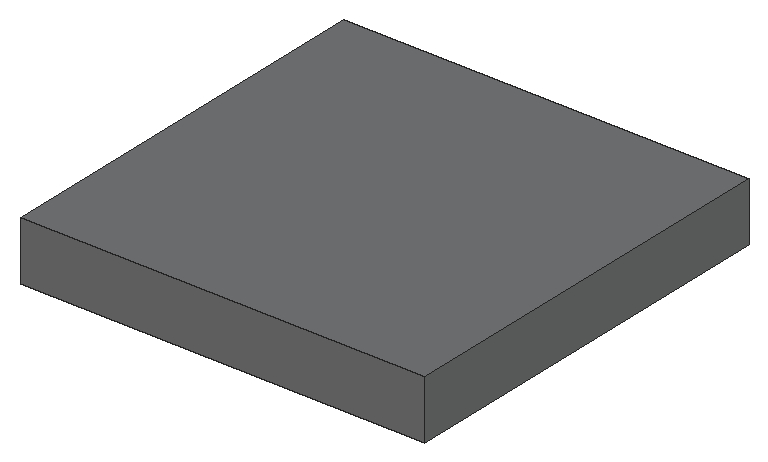
Revit family "Gira_0876005", category Electrical Fixtures, host Face, Revit 2017
Family settings
  Host = Face
  Maintain Annotation Orientation = No
  Round Connector Dimension = Use Diameter
  Part Type = Normal
  Cut with Voids When Loaded = No
  Shared = No
  Room Calculation Point = No
Parameters (values of type "Cov. in.sp. TAE USB System 55 black m")
  URL = "http://katalog.gira.de/en/datenblatt.html?artikelnr=0876005"
  Transparent = "No"
  Name = "Cov. in.sp. TAE USB System 55 black m"
  Manufacturer URL = "https://www.gira.de/"
  Manufacturer = "Gira"
  Keynote = ""
  HeinzeBIM = "https://bimportal.heinze.de/bim/cov-in-sp-tae-usb-system-55-black-m/11a9fbf9cbfa8a81939bd8b68ac824184f124d17"
  HAN = "0876005"
  GTIN = "4010337036531"
  Description = "Cov.in.sp.TAE USB Sys55 BKm,Cover for USB data interface,with inscription space,black matt,Notes :,- Suitable for USB power supply.,- Suitable for USB data interface."
  Default Elevation = 1219.2 mm
  Data sheet (1) = "https://katalog.gira.de/en/download.html?artikelnr=0876005"
  Category = "Insert/cover for communication technology"
  BIM (1) = "https://media.stage.bim.site/public/gira/36a6b08/Sys55_Abdeckung_Schalten und Tasten.rfa?public/gira/36a6b08/Sys55_Abdeckung_Schalten und Tasten.rfa"
  Available = "No"
  Anthrazit [instance] = Anthrazit
Reference planes
  plane 1 "Center (Front/Back)": y = 0
  plane 2: z = 0
  plane 3 "Center (Left/Right)": x = 0
Forms (mm)
  Extrusion 1, solid, material "Anthrazit" <- "Anthrazit", detail levels fine
    sketch origin (0, 0, 0) x (1, 0, 0) y (0, 1, 0)
      loop
        line (-27.5, 27.5) -> (-27.5, -27.5) -> (27.5, -27.5) -> (27.5, 27.5) -> (-27.5, 27.5)
    from 0 to 8
  Extrusion 2, void
    sketch origin (0, 0, 0) x (1, 0, 0) y (0, 1, 0)
      loop
        line (26, 26) -> (-26, 26) -> (-26, -26) -> (26, -26) -> (26, 26)
    from 0 to 6
  Extrusion 3, solid, material "Anthrazit" <- "Anthrazit", detail levels medium
    sketch origin (0, 0, 0) x (1, 0, 0) y (0, 1, 0)
      loop
        line (-27.5, 27.5) -> (-27.5, -27.5) -> (27.5, -27.5) -> (27.5, 27.5) -> (-27.5, 27.5)
    from 0 to 8
  Extrusion 4, solid, material "Anthrazit" <- "Anthrazit", detail levels medium
    sketch origin (0, 0, 0) x (1, 0, 0) y (0, 1, 0)
      loop
        line (11, -17.5) -> (11, 17.5) -> (-11, 17.5) -> (-11, -17.5) -> (11, -17.5)
    from -6 to 6
  Extrusion 5, solid, material "Anthrazit" <- "Anthrazit", detail levels fine
    sketch origin (0, 0, 0) x (1, 0, 0) y (0, 1, 0)
      loop
        line (11, 17.5) -> (-11, 17.5) -> (-11, 16.5) -> (11, 16.5) -> (11, 17.5)
      loop
        line (-11, -16.5) -> (-11, -17.5) -> (11, -17.5) -> (11, -16.5) -> (-11, -16.5)
    from -4 to 6
  Extrusion 6, solid, material "Anthrazit" <- "Anthrazit", detail levels fine
    sketch origin (0, 0, 0) x (1, 0, 0) y (0, 1, 0)
      loop
        arc (5, 9.347) -> (0, 10.6) -> (-5, 9.347) r 10.6
        line (-5, 9.347) -> (-5, -9.347)
        arc (-5, -9.347) -> (0, -10.6) -> (5, -9.347) r 10.6
        line (5, -9.347) -> (5, 9.347)
    from -6 to 6
  Extrusion 7, solid, material "Anthrazit" <- "Anthrazit", detail levels coarse
    sketch origin (0, 0, 0) x (1, 0, 0) y (0, 1, 0)
      loop
        line (-27.5, 27.5) -> (-27.5, -27.5) -> (27.5, -27.5) -> (27.5, 27.5) -> (-27.5, 27.5)
    from -6 to 8
Cuts and joins
  Extrusion 2 cuts Extrusion 1
Dimensions and locks
  aligned and locked: plane 2 to host face
  aligned and locked: level to host face
